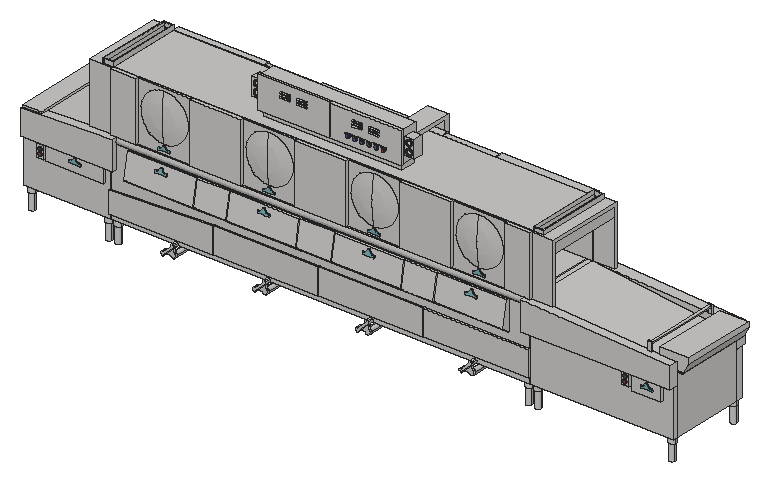
Revit family (continued)
Automatic sketch dimensions
  Extrusion 61 sketch curve to Extrusion 61 sketch curve = 0' - 0.25483"  (x2)
  Extrusion 61 sketch curve to plane 58 = 0' - 1.55729"
  plane 18 to Extrusion 61 sketch curve = 0' - 0.09419"  (x2)
  plane 59 to Extrusion 61 sketch curve = 0' - 1.11091"
  plane 59 to Extrusion 61 sketch curve = 0' - 0.91934"
  Extrusion 61 sketch curve to Extrusion 61 sketch curve = 0' - 0.41934"
  plane 59 to Extrusion 61 sketch curve = 0' - 0.49965"
  plane 59 to Extrusion 61 sketch curve = 0' - 0.07504"
  Extrusion 61 sketch curve to Extrusion 61 sketch curve = 0' - 0"
  Extrusion 61 sketch curve to plane 59 = 0' - 1.44342"
  plane 18 to Extrusion 61 sketch curve = 0' - 0.01096"  (x2)
  plane 20 to Extrusion 61 sketch curve = 0' - 1.10977"
  Extrusion 61 sketch curve to Extrusion 61 sketch curve = 0' - 0.48493"  (x2)
  Extrusion 61 sketch curve to plane 48 = 0' - 1.43719"
  Extrusion 63 sketch curve to plane 48 = 0' - 1 1/2"
  Extrusion 64 sketch curve to plane 18 = 0' - 0"
  plane 80 to Extrusion 91 sketch curve = 0' - 0"
  plane 102 to curve 98 = 2' - 5.52648"
  curve 98 to plane 94 "Utility to Machine" = 0' - 1.60469"
  curve 97 to plane 94 "Utility to Machine" = 0' - 2.79145"
  plane 102 to curve 97 = 2' - 5.52648"
  curve 98 to curve 97 = 0' - 2.37351"
  plane 101 to curve 98 = 2' - 8.55015"
  plane 34 to curve 96 = 2' - 5.86265"
  Extrusion 123 sketch curve to Extrusion 123 sketch curve = 0' - 0"  (x2)
  Extrusion 123 sketch curve to plane 88 "Drain" = 0' - 0"
  Extrusion 123 sketch curve to plane 91 "Drain CL" = 0' - 0"
  Sweep 126 sketch curve to plane 94 "Utility to Machine" = 0' - 0"
  Sweep 126 sketch curve to plane 92 "Utilities" = 0' - 0"
  Sweep 126 sketch curve to plane 95 "Utilities Point of Connection" = 0' - 0"
  Sweep 126 sketch curve to plane 12 "Bottom of Machine" = 0' - 0"
  plane 88 "Drain" to Sweep 126 sketch curve = 0' - 0 1/2"
  Sweep 126 sketch curve to Sweep 126 sketch curve = 0' - 0"  (x2)
  Sweep 126 sketch curve to plane 93 "Cold Water" = 0' - 0"
  profile plane to Sweep 126 sketch curve = 0' - 0"
  Sweep 127 sketch curve to plane 94 "Utility to Machine" = 0' - 0"
  Sweep 127 sketch curve to plane 92 "Utilities" = 0' - 0"
  Sweep 127 sketch curve to plane 95 "Utilities Point of Connection" = 0' - 0"
  Sweep 127 sketch curve to plane 12 "Bottom of Machine" = 0' - 0"
  plane 88 "Drain" to Sweep 127 sketch curve = 0' - 0 1/2"
  Sweep 127 sketch curve to Sweep 127 sketch curve = 0' - 0"  (x2)
  Sweep 127 sketch curve to plane 96 "Building Hot Water" = 0' - 0"
  profile plane to Sweep 127 sketch curve = 0' - 0"
  Extrusion 138 sketch curve to plane 70 = 0' - 0 1/8"
  plane 134 to Extrusion 138 sketch curve = 0' - 0.91873"
  Extrusion 139 sketch curve to plane 70 = 0' - 0 1/8"
  plane 134 to Extrusion 139 sketch curve = 0' - 1.66873"
  Extrusion 177 sketch curve to plane 22 "Front of Main Body" = 0' - 0 3/4"
  Extrusion 178 sketch curve to plane 22 "Front of Main Body" = 0' - 0 3/4"
  Extrusion 179 sketch curve to plane 26 = 0' - 0"
  plane 22 "Front of Main Body" to Extrusion 179 sketch curve = 0' - 0 1/4"
  Extrusion 180 sketch curve to plane 26 = 0' - 0"
  plane 22 "Front of Main Body" to Extrusion 180 sketch curve = 0' - 0 1/4"
  Sweep 181 sketch curve to plane 22 "Front of Main Body" = 0' - 0"  (x2)
  plane 22 "Front of Main Body" to Sweep 181 sketch curve = 0' - 0 5/8"  (x2)
  Sweep 181 sketch curve to Sweep 181 sketch curve = 0' - 0 1/2"
  plane 13 "Middle of Machine" to Sweep 181 sketch curve = 0' - 7 3/16"
  Sweep 181 sketch curve to plane 37 = 0' - 3 11/16"
  Sweep 181 sketch curve to plane 102 = 0' - 0"
  Sweep 181 sketch curve to profile plane = 0' - 0"
  Extrusion 182 sketch curve to plane 27 = 0' - 0"
  plane 22 "Front of Main Body" to Extrusion 182 sketch curve = 0' - 0 1/4"
  Extrusion 183 sketch curve to plane 27 = 0' - 0"
  plane 22 "Front of Main Body" to Extrusion 183 sketch curve = 0' - 0 1/4"
  Sweep 184 sketch curve to plane 22 "Front of Main Body" = 0' - 0"  (x2)
  plane 22 "Front of Main Body" to Sweep 184 sketch curve = 0' - 0 5/8"  (x2)
  Sweep 184 sketch curve to Sweep 184 sketch curve = 0' - 0 1/2"
  plane 13 "Middle of Machine" to Sweep 184 sketch curve = 0' - 7 3/16"
  Sweep 184 sketch curve to plane 37 = 0' - 3 11/16"
  Sweep 184 sketch curve to plane 101 = 0' - 0"
  Sweep 184 sketch curve to profile plane = 0' - 0"
  Extrusion 185 sketch curve to plane 22 "Front of Main Body" = 0' - 0 3/4"
  Sweep 186 sketch curve to plane 94 "Utility to Machine" = 0' - 0"
  Sweep 186 sketch curve to plane 92 "Utilities" = 0' - 0"
  Sweep 186 sketch curve to plane 95 "Utilities Point of Connection" = 0' - 0"
  Sweep 186 sketch curve to plane 12 "Bottom of Machine" = 0' - 0"
  plane 88 "Drain" to Sweep 186 sketch curve = 0' - 0 1/2"
  Sweep 186 sketch curve to Sweep 186 sketch curve = 0' - 0"  (x2)
  Sweep 186 sketch curve to plane 104 = 0' - 0"
  profile plane to Sweep 186 sketch curve = 0' - 0"
  plane 28 "Front of Inside" to Extrusion 188 sketch curve = 0' - 0"
  Extrusion 188 sketch curve to plane 22 "Front of Main Body" = 0' - 0 3/4"
  plane 5 "FRONT" to Revolve 189 sketch curve = 0' - 8"
  plane 22 "Front of Main Body" to Revolve 189 sketch curve = 0' - 0 1/4"
  Revolve 189 sketch curve to plane 22 "Front of Main Body" = 0' - 0 3/4"
  plane 87 to Revolve 189 sketch curve = 0' - 1 1/4"
  Revolve 189 sketch curve to plane 1 "BACK" = 0' - 8.74935"
  Revolve 189 sketch curve to plane 37 = 0' - 5.75174"  (x2)
  Revolve 189 sketch curve to plane 37 = 0' - 5.50167"
  plane 22 "Front of Main Body" to Extrusion 190 sketch curve = 0' - 0"
  Extrusion 190 sketch curve to plane 22 "Front of Main Body" = 0' - 0 3/4"
  plane 22 "Front of Main Body" to Extrusion 191 sketch curve = 0' - 0"
  Extrusion 191 sketch curve to plane 22 "Front of Main Body" = 0' - 0 3/4"
  Extrusion 192 sketch curve to plane 107 = 0' - 0"
  plane 22 "Front of Main Body" to Extrusion 192 sketch curve = 0' - 0 1/4"
  Extrusion 193 sketch curve to plane 107 = 0' - 0"
  plane 22 "Front of Main Body" to Extrusion 193 sketch curve = 0' - 0 1/4"
  Extrusion 194 sketch curve to plane 108 = 0' - 0"
  plane 22 "Front of Main Body" to Extrusion 194 sketch curve = 0' - 0 1/4"
  Extrusion 195 sketch curve to plane 108 = 0' - 0"
  plane 22 "Front of Main Body" to Extrusion 195 sketch curve = 0' - 0 1/4"
  Sweep 196 sketch curve to plane 22 "Front of Main Body" = 0' - 0"  (x2)
  plane 22 "Front of Main Body" to Sweep 196 sketch curve = 0' - 0 5/8"  (x2)
  Sweep 196 sketch curve to Sweep 196 sketch curve = 0' - 0 1/2"
  plane 13 "Middle of Machine" to Sweep 196 sketch curve = 0' - 7 3/16"
  Sweep 196 sketch curve to plane 37 = 0' - 3 11/16"
  Sweep 196 sketch curve to plane 114 = 0' - 0"
  Sweep 196 sketch curve to profile plane = 0' - 0"
  Sweep 197 sketch curve to plane 22 "Front of Main Body" = 0' - 0"  (x2)
  plane 22 "Front of Main Body" to Sweep 197 sketch curve = 0' - 0 5/8"  (x2)
  Sweep 197 sketch curve to Sweep 197 sketch curve = 0' - 0 1/2"
  plane 13 "Middle of Machine" to Sweep 197 sketch curve = 0' - 7 3/16"
  Sweep 197 sketch curve to plane 37 = 0' - 3 11/16"
  Sweep 197 sketch curve to plane 113 = 0' - 0"
  Sweep 197 sketch curve to profile plane = 0' - 0"
  plane 22 "Front of Main Body" to Extrusion 198 sketch curve = 0' - 0"
  Extrusion 198 sketch curve to plane 22 "Front of Main Body" = 0' - 0 3/4"
  Extrusion 199 sketch curve to plane 20 = 0' - 0"
  Extrusion 199 sketch curve to plane 19 = 0' - 0"
  plane 28 "Front of Inside" to Extrusion 200 sketch curve = 0' - 0"
  Extrusion 200 sketch curve to plane 22 "Front of Main Body" = 0' - 0 3/4"
  plane 5 "FRONT" to Revolve 201 sketch curve = 0' - 8"
  plane 22 "Front of Main Body" to Revolve 201 sketch curve = 0' - 0 1/4"
  Revolve 201 sketch curve to plane 22 "Front of Main Body" = 0' - 0 3/4"
  plane 87 to Revolve 201 sketch curve = 0' - 1 1/4"
  Revolve 201 sketch curve to plane 1 "BACK" = 0' - 8.74935"
  Revolve 201 sketch curve to plane 37 = 0' - 5.75174"  (x2)
  Revolve 201 sketch curve to plane 37 = 0' - 5.50167"
  plane 22 "Front of Main Body" to Extrusion 202 sketch curve = 0' - 0"
  Extrusion 202 sketch curve to plane 22 "Front of Main Body" = 0' - 0 3/4"
  plane 22 "Front of Main Body" to Extrusion 203 sketch curve = 0' - 0"
  Extrusion 203 sketch curve to plane 22 "Front of Main Body" = 0' - 0 3/4"
  Extrusion 204 sketch curve to plane 117 = 0' - 0"
  plane 22 "Front of Main Body" to Extrusion 204 sketch curve = 0' - 0 1/4"
  Extrusion 205 sketch curve to plane 117 = 0' - 0"
  plane 22 "Front of Main Body" to Extrusion 205 sketch curve = 0' - 0 1/4"
  Extrusion 206 sketch curve to plane 118 = 0' - 0"
  plane 22 "Front of Main Body" to Extrusion 206 sketch curve = 0' - 0 1/4"
  Extrusion 207 sketch curve to plane 118 = 0' - 0"
  plane 22 "Front of Main Body" to Extrusion 207 sketch curve = 0' - 0 1/4"
  Sweep 208 sketch curve to plane 22 "Front of Main Body" = 0' - 0"  (x2)
  plane 22 "Front of Main Body" to Sweep 208 sketch curve = 0' - 0 5/8"  (x2)
  Sweep 208 sketch curve to Sweep 208 sketch curve = 0' - 0 1/2"
  plane 13 "Middle of Machine" to Sweep 208 sketch curve = 0' - 7 3/16"
  Sweep 208 sketch curve to plane 37 = 0' - 3 11/16"
  Sweep 208 sketch curve to plane 124 = 0' - 0"
  Sweep 208 sketch curve to profile plane = 0' - 0"
  Sweep 209 sketch curve to plane 22 "Front of Main Body" = 0' - 0"  (x2)
  plane 22 "Front of Main Body" to Sweep 209 sketch curve = 0' - 0 5/8"  (x2)
  Sweep 209 sketch curve to Sweep 209 sketch curve = 0' - 0 1/2"
  plane 13 "Middle of Machine" to Sweep 209 sketch curve = 0' - 7 3/16"
  Sweep 209 sketch curve to plane 37 = 0' - 3 11/16"
  Sweep 209 sketch curve to plane 123 = 0' - 0"
  Sweep 209 sketch curve to profile plane = 0' - 0"
  plane 22 "Front of Main Body" to Extrusion 210 sketch curve = 0' - 0"
  Extrusion 210 sketch curve to plane 22 "Front of Main Body" = 0' - 0 3/4"
  plane 22 "Front of Main Body" to Extrusion 211 sketch curve = 0' - 0"
  plane 28 "Front of Inside" to Extrusion 211 sketch curve = 0' - 0"
  Extrusion 222 sketch curve to plane 24 = 0' - 0"
  plane 24 to Extrusion 222 sketch curve = 0' - 0.00035"
  plane 99 to Extrusion 222 sketch curve = 0' - 0.35719"
  plane 99 to Extrusion 222 sketch curve = 0' - 0.54876"
  plane 101 to Extrusion 222 sketch curve = 0' - 0.50556"
  plane 101 to Extrusion 222 sketch curve = 0' - 0.8056"
  Extrusion 222 sketch curve to Extrusion 222 sketch curve = 0' - 0.00341"  (x2)
  Extrusion 222 sketch curve to Extrusion 222 sketch curve = 0' - 0.25142"  (x2)
  Extrusion 222 sketch curve to plane 98 = 0' - 0.36211"
  Extrusion 222 sketch curve to Extrusion 222 sketch curve = 0' - 0"
  Extrusion 222 sketch curve to plane 98 = 0' - 0.54876"
  Extrusion 222 sketch curve to plane 102 = 0' - 0.50556"
  Extrusion 222 sketch curve to plane 102 = 0' - 0.8056"
  plane 47 to Extrusion 222 sketch curve = 0' - 1.17016"
  plane 13 "Middle of Machine" to Extrusion 222 sketch curve = 0' - 0.94635"  (x2)
  plane 13 "Middle of Machine" to Extrusion 222 sketch curve = 0' - 1.02958"
  Extrusion 222 sketch curve to Extrusion 222 sketch curve = 0' - 0.48493"  (x2)
  Extrusion 222 sketch curve to Extrusion 222 sketch curve = 0' - 1.96861"
  plane 28 "Front of Inside" to Extrusion 223 sketch curve = 0' - 0"
  Extrusion 223 sketch curve to plane 22 "Front of Main Body" = 0' - 0 3/4"
  plane 5 "FRONT" to Revolve 224 sketch curve = 0' - 8"
  plane 22 "Front of Main Body" to Revolve 224 sketch curve = 0' - 0 1/4"
  Revolve 224 sketch curve to plane 22 "Front of Main Body" = 0' - 0 3/4"
  plane 87 to Revolve 224 sketch curve = 0' - 1 1/4"
  Revolve 224 sketch curve to plane 1 "BACK" = 0' - 8.74935"
  Revolve 224 sketch curve to plane 37 = 0' - 5.75174"  (x2)
  Revolve 224 sketch curve to plane 37 = 0' - 5.50167"
  plane 22 "Front of Main Body" to Extrusion 225 sketch curve = 0' - 0"
  Extrusion 225 sketch curve to plane 22 "Front of Main Body" = 0' - 0 3/4"
  plane 22 "Front of Main Body" to Extrusion 226 sketch curve = 0' - 0"
  Extrusion 226 sketch curve to plane 22 "Front of Main Body" = 0' - 0 3/4"
  Extrusion 227 sketch curve to plane 125 = 0' - 0"
  plane 22 "Front of Main Body" to Extrusion 227 sketch curve = 0' - 0 1/4"
  Extrusion 228 sketch curve to plane 125 = 0' - 0"
  plane 22 "Front of Main Body" to Extrusion 228 sketch curve = 0' - 0 1/4"
  Sweep 229 sketch curve to plane 22 "Front of Main Body" = 0' - 0"  (x2)
  plane 22 "Front of Main Body" to Sweep 229 sketch curve = 0' - 0 5/8"  (x2)
  Sweep 229 sketch curve to Sweep 229 sketch curve = 0' - 0 1/2"
  plane 13 "Middle of Machine" to Sweep 229 sketch curve = 0' - 7 3/16"
  Sweep 229 sketch curve to plane 37 = 0' - 3 11/16"
  Sweep 229 sketch curve to plane 132 = 0' - 0"
  Sweep 229 sketch curve to profile plane = 0' - 0"
  Extrusion 230 sketch curve to plane 126 = 0' - 0"
  plane 22 "Front of Main Body" to Extrusion 230 sketch curve = 0' - 0 1/4"
  Extrusion 231 sketch curve to plane 126 = 0' - 0"
  plane 22 "Front of Main Body" to Extrusion 231 sketch curve = 0' - 0 1/4"
  Sweep 232 sketch curve to plane 22 "Front of Main Body" = 0' - 0"  (x2)
  plane 22 "Front of Main Body" to Sweep 232 sketch curve = 0' - 0 5/8"  (x2)
  Sweep 232 sketch curve to Sweep 232 sketch curve = 0' - 0 1/2"
  plane 13 "Middle of Machine" to Sweep 232 sketch curve = 0' - 7 3/16"
  Sweep 232 sketch curve to plane 37 = 0' - 3 11/16"
  Sweep 232 sketch curve to plane 131 = 0' - 0"
  Sweep 232 sketch curve to profile plane = 0' - 0"
  plane 22 "Front of Main Body" to Extrusion 233 sketch curve = 0' - 0"
  Extrusion 233 sketch curve to plane 22 "Front of Main Body" = 0' - 0 3/4"
  Extrusion 234 sketch curve to plane 23 = 0' - 0"
  plane 23 to Extrusion 234 sketch curve = 0' - 0.00035"
  plane 129 to Extrusion 234 sketch curve = 0' - 0.35719"
  plane 129 to Extrusion 234 sketch curve = 0' - 0.54876"
  plane 131 to Extrusion 234 sketch curve = 0' - 0.50556"
  plane 131 to Extrusion 234 sketch curve = 0' - 0.8056"
  Extrusion 234 sketch curve to Extrusion 234 sketch curve = 0' - 0.00341"  (x2)
  Extrusion 234 sketch curve to Extrusion 234 sketch curve = 0' - 0.25142"  (x2)
  Extrusion 234 sketch curve to plane 128 = 0' - 0.36211"
  Extrusion 234 sketch curve to Extrusion 234 sketch curve = 0' - 0"
  Extrusion 234 sketch curve to plane 128 = 0' - 0.54876"
  Extrusion 234 sketch curve to plane 132 = 0' - 0.50556"
  Extrusion 234 sketch curve to plane 132 = 0' - 0.8056"
  plane 47 to Extrusion 234 sketch curve = 0' - 1.17016"
  plane 13 "Middle of Machine" to Extrusion 234 sketch curve = 0' - 0.94635"  (x2)
  plane 13 "Middle of Machine" to Extrusion 234 sketch curve = 0' - 1.02958"
  Extrusion 234 sketch curve to Extrusion 234 sketch curve = 0' - 0.48493"  (x2)
  Extrusion 234 sketch curve to Extrusion 234 sketch curve = 0' - 1.96861"
  Extrusion 235 sketch curve to plane 105 = 0' - 0"
  plane 105 to Extrusion 235 sketch curve = 0' - 0.00035"
  plane 111 to Extrusion 235 sketch curve = 0' - 0.35719"
  plane 111 to Extrusion 235 sketch curve = 0' - 0.54876"
  plane 113 to Extrusion 235 sketch curve = 0' - 0.50556"
  Extrusion 235 sketch curve to plane 135 = 0' - 0.5069"
  Extrusion 235 sketch curve to plane 135 = 0' - 0.50349"
  Extrusion 235 sketch curve to Extrusion 235 sketch curve = 0' - 0.25142"  (x2)
  Extrusion 235 sketch curve to plane 110 = 0' - 0.36211"
  Extrusion 235 sketch curve to Extrusion 235 sketch curve = 0' - 0"
  Extrusion 235 sketch curve to plane 110 = 0' - 0.54876"
  Extrusion 235 sketch curve to plane 114 = 0' - 0.50556"
  Extrusion 235 sketch curve to plane 114 = 0' - 0.8056"
  Extrusion 235 sketch curve to Extrusion 235 sketch curve = 0' - 0.00341"
  plane 47 to Extrusion 235 sketch curve = 0' - 1.17016"
  plane 13 "Middle of Machine" to Extrusion 235 sketch curve = 0' - 0.94635"  (x2)
  plane 13 "Middle of Machine" to Extrusion 235 sketch curve = 0' - 1.02958"
  Extrusion 235 sketch curve to Extrusion 235 sketch curve = 0' - 0.48493"  (x2)
  Extrusion 235 sketch curve to Extrusion 235 sketch curve = 0' - 1.96861"
  plane 29 "Back of Inside" to Extrusion 236 sketch curve = 0' - 0"
  plane 21 "Back of Main Body" to Extrusion 236 sketch curve = 0' - 1"
  Revolve 237 sketch curve to plane 21 "Back of Main Body" = 0' - 0"
  Revolve 237 sketch curve to plane 1 "BACK" = 0' - 7 3/4"
  Revolve 237 sketch curve to Revolve 237 sketch curve = 0' - 1"
  Revolve 237 sketch curve to plane 94 "Utility to Machine" = 0' - 4"
  plane 5 "FRONT" to Revolve 237 sketch curve = 0' - 8.99935"
  Revolve 237 sketch curve to plane 10 "Top of Machine" = 0' - 1.00174"
  Revolve 237 sketch curve to Revolve 237 sketch curve = 0' - 9.74993"
  Revolve 237 sketch curve to plane 37 = 0' - 5.75174"
  plane 29 "Back of Inside" to Extrusion 238 sketch curve = 0' - 0"
  plane 21 "Back of Main Body" to Extrusion 238 sketch curve = 0' - 1"
  Revolve 239 sketch curve to plane 21 "Back of Main Body" = 0' - 0"
  Revolve 239 sketch curve to plane 1 "BACK" = 0' - 7 3/4"
  Revolve 239 sketch curve to Revolve 239 sketch curve = 0' - 1"
  Revolve 239 sketch curve to plane 94 "Utility to Machine" = 0' - 4"
  plane 5 "FRONT" to Revolve 239 sketch curve = 0' - 8.99935"
  Revolve 239 sketch curve to plane 10 "Top of Machine" = 0' - 1.00174"
  Revolve 239 sketch curve to Revolve 239 sketch curve = 0' - 9.74993"
  Revolve 239 sketch curve to plane 37 = 0' - 5.75174"
  Extrusion 240 sketch curve to plane 68 = 0' - 0"
  Extrusion 240 sketch curve to plane 79 "Back of Elec Box" = 0' - 0"
  Extrusion 240 sketch curve to plane 21 "Back of Main Body" = 0' - 0"
  Extrusion 240 sketch curve to plane 1 "BACK" = 0' - 0"
  Extrusion 240 sketch curve to plane 21 "Back of Main Body" = 0' - 1 1/4"
  Extrusion 240 sketch curve to plane 49 = 0' - 3 3/4"
  Extrusion 240 sketch curve to Extrusion 240 sketch curve = 0' - 1 3/4"
  Extrusion 240 sketch curve to plane 69 = 0' - 1 1/8"
  plane 29 "Back of Inside" to Extrusion 241 sketch curve = 0' - 0"
  plane 21 "Back of Main Body" to Extrusion 241 sketch curve = 0' - 0"
  Extrusion 241 sketch curve to plane 135 = 0' - 0"
  Extrusion 241 sketch curve to plane 134 = 0' - 0"
  plane 106 to Extrusion 242 sketch curve = 0' - 0"
  Extrusion 242 sketch curve to plane 106 = 0' - 0.00035"
  plane 121 to Extrusion 242 sketch curve = 0' - 0.35719"
  plane 121 to Extrusion 242 sketch curve = 0' - 0.54876"
  plane 123 to Extrusion 242 sketch curve = 0' - 0.50556"
  plane 123 to Extrusion 242 sketch curve = 0' - 0.8056"
  Extrusion 242 sketch curve to Extrusion 242 sketch curve = 0' - 0.00341"  (x2)
  Extrusion 242 sketch curve to Extrusion 242 sketch curve = 0' - 0.25142"  (x2)
  Extrusion 242 sketch curve to plane 120 = 0' - 0.36211"
  Extrusion 242 sketch curve to Extrusion 242 sketch curve = 0' - 0"
  Extrusion 242 sketch curve to plane 120 = 0' - 0.54876"
  Extrusion 242 sketch curve to plane 124 = 0' - 0.50556"
  Extrusion 242 sketch curve to plane 124 = 0' - 0.8056"
  plane 47 to Extrusion 242 sketch curve = 0' - 1.17016"
  plane 13 "Middle of Machine" to Extrusion 242 sketch curve = 0' - 0.94635"  (x2)
  plane 13 "Middle of Machine" to Extrusion 242 sketch curve = 0' - 1.02958"
  Extrusion 242 sketch curve to Extrusion 242 sketch curve = 0' - 0.48493"  (x2)
  Extrusion 242 sketch curve to Extrusion 242 sketch curve = 0' - 1.96861"
  plane 5 "FRONT" to curve 43 = 0' - 0"
  plane 5 "FRONT" to curve 40 = 0' - 0"
  plane 5 "FRONT" to curve 45 = 0' - 0"
  plane 5 "FRONT" to curve 37 = 0' - 0"
  plane 5 "FRONT" to curve 141 = 0' - 0"
  plane 5 "FRONT" to curve 34 = 0' - 0"
  plane 5 "FRONT" to curve 140 = 0' - 0"
  curve 7 to plane 43 = 0' - 0"
  curve 8 to plane 14 "Left of Bottom" = 0' - 0"
  curve 21 to plane 15 "Right of Bottom" = 0' - 0"
  curve 3 to plane 54 = 0' - 0"
  curve 152 to plane 131 = 0' - 0"
  curve 165 to plane 132 = 0' - 0"
  curve 105 to plane 114 = 0' - 0"
  curve 127 to plane 123 = 0' - 0"
  curve 65 to plane 101 = 0' - 0"
  curve 108 to plane 113 = 0' - 0"
  curve 124 to plane 124 = 0' - 0"
  curve 146 to plane 102 = 0' - 0"
  curve 11 to plane 46 = 0' - 0"
  plane 22 "Front of Main Body" to curve 8 = 0' - 0"
  curve 159 to plane 126 = 0' - 0"
  curve 129 to plane 117 = 0' - 0"
  curve 155 to plane 129 = 0' - 0"
  curve 147 to plane 125 = 0' - 0"
  curve 154 to plane 128 = 0' - 0"
  curve 111 to plane 110 = 0' - 0"
  curve 47 to plane 26 = 0' - 0"
  curve 48 to plane 27 = 0' - 0"
  curve 130 to plane 120 = 0' - 0"
  curve 100 to plane 107 = 0' - 0"
  curve 101 to plane 108 = 0' - 0"
  curve 131 to plane 121 = 0' - 0"
  curve 132 to plane 118 = 0' - 0"
  curve 71 to plane 99 = 0' - 0"
  curve 69 to plane 98 = 0' - 0"
  curve 16 to plane 8 "Load Vent" = 0' - 0"
  curve 17 to plane 3 "LEFT" = 0' - 0"
  curve 112 to plane 111 = 0' - 0"
  curve 24 to plane 4 "RIGHT" = 0' - 0"
  curve 24 to plane 9 "Unload Vent" = 0' - 0"
  plane 28 "Front of Inside" to curve 27 = 0' - 0"
  plane 28 "Front of Inside" to curve 22 = 0' - 0"
  plane 28 "Front of Inside" to curve 19 = 0' - 0"
  plane 28 "Front of Inside" to curve 95 = 0' - 0"
  plane 28 "Front of Inside" to curve 92 = 0' - 0"
  plane 28 "Front of Inside" to curve 90 = 0' - 0"
  curve 50 to plane 76 = 0' - 0"
  plane 81 "Front of Panel" to curve 50 = 0' - 0"
  curve 52 to plane 75 = 0' - 0"
  plane 80 to curve 52 = 0' - 0"
  curve 61 to plane 78 = 0' - 0"
  plane 86 "Front of LR Panels" to curve 61 = 0' - 0"
  curve 59 to plane 77 = 0' - 0"
  plane 86 "Front of LR Panels" to curve 59 = 0' - 0"
  curve 57 to plane 85 "Right of Control Box" = 0' - 0"
  plane 87 to curve 57 = 0' - 0"
  curve 60 to plane 84 = 0' - 0"
  plane 87 to curve 60 = 0' - 0"
  plane 79 "Back of Elec Box" to curve 55 = 0' - 0"
  plane 29 "Back of Inside" to curve 29 = 0' - 0"
  plane 29 "Back of Inside" to curve 13 = 0' - 0"
  plane 29 "Back of Inside" to curve 94 = 0' - 0"
  plane 29 "Back of Inside" to curve 91 = 0' - 0"
  plane 29 "Back of Inside" to curve 90 = 0' - 0"
  plane 29 "Back of Inside" to curve 89 = 0' - 0"
  plane 29 "Back of Inside" to curve 20 = 0' - 0"
  curve 170 to plane 136 = 0' - 0"
  curve 167 to plane 134 = 0' - 0"
  curve 167 to plane 133 = 0' - 0"
  curve 169 to plane 135 = 0' - 0"
  curve 5 to plane 15 "Right of Bottom" = 0' - 0"
  plane 21 "Back of Main Body" to curve 5 = 0' - 0"
  plane 21 "Back of Main Body" to curve 2 = 0' - 0"
  curve 76 to plane 14 "Left of Bottom" = 0' - 0"
  plane 1 "BACK" to curve 173 = 0' - 0"
  curve 86 to plane 57 = 0' - 0"
  curve 90 to plane 56 = 0' - 0"
  curve 89 to plane 58 = 0' - 0"
  curve 27 to plane 41 = 0' - 0"
  curve 141 to plane 142 = 0' - 0"
  curve 137 to plane 121 = 0' - 0"
  curve 135 to plane 120 = 0' - 0"
  curve 118 to plane 111 = 0' - 0"
  curve 116 to plane 110 = 0' - 0"
  curve 75 to plane 99 = 0' - 0"
  curve 73 to plane 98 = 0' - 0"
  curve 43 to plane 32 = 0' - 0"
  curve 44 to plane 31 = 0' - 0"
  curve 162 to plane 129 = 0' - 0"
  curve 160 to plane 128 = 0' - 0"
  curve 45 to plane 30 = 0' - 0"
  curve 20 to plane 40 = 0' - 0"
  curve 94 to plane 44 = 0' - 0"
  curve 7 to plane 5 "FRONT" = 0' - 1"
  curve 21 to plane 5 "FRONT" = 0' - 1"
  plane 131 to curve 152 = 0' - 0 3/8"
  curve 152 to curve 151 = 0' - 1 1/8"
  curve 165 to plane 132 = 0' - 0 3/8"
  curve 165 to curve 163 = 0' - 1 1/8"
  curve 103 to plane 114 = 0' - 0 3/8"
  curve 103 to curve 103 = 0' - 1 1/8"
  curve 127 to plane 123 = 0' - 0 3/8"
  curve 127 to curve 125 = 0' - 1 1/8"
  curve 144 to plane 102 = 0' - 0 3/8"
  curve 144 to curve 144 = 0' - 1 1/8"
  curve 106 to plane 113 = 0' - 0 3/8"
  curve 106 to curve 106 = 0' - 1 1/8"
  curve 65 to plane 101 = 0' - 0 3/8"
  curve 65 to curve 63 = 0' - 1 1/8"
  curve 122 to plane 124 = 0' - 0 3/8"
  curve 122 to curve 122 = 0' - 1 1/8"
  curve 11 to curve 9 = 0' - 0 7/8"
  curve 35 to plane 22 "Front of Main Body" = 0' - 0.06488"
  curve 159 to plane 22 "Front of Main Body" = 0' - 0 3/4"
  curve 129 to plane 22 "Front of Main Body" = 0' - 0 3/4"
  curve 111 to plane 22 "Front of Main Body" = 0' - 0 3/4"
  curve 47 to plane 22 "Front of Main Body" = 0' - 0 3/4"
  curve 16 to plane 22 "Front of Main Body" = 0' - 0 3/4"
  curve 24 to plane 22 "Front of Main Body" = 0' - 0 3/4"
  curve 79 to curve 79 = 0' - 0 1/2"
  curve 81 to plane 29 "Back of Inside" = 0' - 0 1/2"
  curve 15 to plane 29 "Back of Inside" = 0' - 1"
  curve 30 to plane 29 "Back of Inside" = 0' - 1"
  curve 170 to curve 171 = 0' - 1"
  curve 167 to curve 168 = 0' - 1"
  curve 12 to curve 2 = 0' - 0 3/8"
  curve 99 to curve 3 = 0' - 1 1/2"
  plane 1 "BACK" to curve 6 = 0' - 1 1/2"
  plane 59 to curve 81 = 0' - 0 3/4"
  plane 59 to curve 79 = 0' - 0 3/4"
  curve 79 to curve 80 = 0' - 0 1/4"
  curve 84 to plane 59 = 0' - 0 1/2"
  curve 84 to curve 83 = 0' - 0 1/4"
  curve 84 to curve 78 = 0' - 0 1/4"
  plane 145 to curve 143 = 1' - 1 3/4"
  curve 142 to curve 139 = 0' - 0 1/4"
  plane 76 to curve 140 = 0' - 6 1/4"
  plane 76 to curve 32 = 0' - 6"
  plane 111 to curve 99 = 0' - 0 7/16"
  plane 109 to curve 173 = 0' - 3"
  plane 36 to curve 34 = 0' - 6 7/8"
  curve 33 to curve 35 = 0' - 0 1/4"
  plane 100 to curve 37 = 0' - 3 1/4"
  curve 37 to curve 38 = 0' - 0 1/4"
  plane 34 to curve 39 = 0' - 6 7/8"
  curve 39 to curve 41 = 0' - 0 1/4"
  radius of Extrusion 95 sketch curve = 0' - 1 1/4"
  radius of Extrusion 95 sketch curve = 0' - 1"
  radius of Extrusion 98 sketch curve = 0' - 0 5/8"
  radius of Extrusion 99 sketch curve = 0' - 0 5/8"
  radius of Extrusion 100 sketch curve = 0' - 0 5/8"
  radius of Extrusion 101 sketch curve = 0' - 0 5/8"
  radius of Extrusion 103 sketch curve = 0' - 1 1/4"
  radius of Extrusion 103 sketch curve = 0' - 1"
  radius of Extrusion 105 sketch curve = 0' - 1 1/4"
  radius of Extrusion 105 sketch curve = 0' - 1"
  radius of Extrusion 107 sketch curve = 0' - 1 1/4"
  radius of Extrusion 107 sketch curve = 0' - 1"
  radius of Extrusion 109 sketch curve = 0' - 0 5/8"
  radius of Extrusion 110 sketch curve = 0' - 0 5/8"
  radius of Extrusion 129 sketch curve = 0' - 1"
  radius of Extrusion 129 sketch curve = 0' - 1 1/8"
  radius of Extrusion 130 sketch curve = 0' - 1"
  radius of Extrusion 130 sketch curve = 0' - 1 1/8"
  radius of Extrusion 134 sketch curve = 0' - 1"
  radius of Extrusion 134 sketch curve = 0' - 1 1/8"
  radius of Extrusion 140 sketch curve = 0' - 1 1/4"
  radius of Extrusion 140 sketch curve = 0' - 1"
  radius of Extrusion 143 sketch curve = 0' - 0 5/8"
  radius of Extrusion 144 sketch curve = 0' - 0 5/8"
  radius of Extrusion 145 sketch curve = 0' - 0 5/8"
  radius of Extrusion 146 sketch curve = 0' - 0 5/8"
  radius of Extrusion 148 sketch curve = 0' - 1 1/4"
  radius of Extrusion 148 sketch curve = 0' - 1"
  radius of Extrusion 150 sketch curve = 0' - 1 1/4"
  radius of Extrusion 150 sketch curve = 0' - 1"
  radius of Extrusion 152 sketch curve = 0' - 1 1/4"
  radius of Extrusion 152 sketch curve = 0' - 1"
  radius of Extrusion 154 sketch curve = 0' - 0 5/8"
  radius of Extrusion 155 sketch curve = 0' - 0 5/8"
  radius of Extrusion 168 sketch curve = 0' - 1"
  radius of Extrusion 168 sketch curve = 0' - 1 1/8"
  radius of Extrusion 169 sketch curve = 0' - 1"
  radius of Extrusion 169 sketch curve = 0' - 1 1/8"
  radius of Extrusion 173 sketch curve = 0' - 1"
  radius of Extrusion 173 sketch curve = 0' - 1 1/8"
  radius of Extrusion 216 sketch curve = 0' - 1"
  radius of Extrusion 216 sketch curve = 0' - 1 1/8"
  radius of Extrusion 47 sketch curve = 0' - 0 3/4"
  radius of Extrusion 48 sketch curve = 0' - 0 3/4"
  radius of Extrusion 59 sketch curve = 0' - 0 1/2"
  radius of Extrusion 63 sketch curve = 0' - 0 3/4"
  radius of Extrusion 64 sketch curve = 0' - 0 3/4"
  radius of Extrusion 65 sketch curve = 0' - 1 3/16"
  radius of Extrusion 66 sketch curve = 0' - 1 7/16"
  radius of Extrusion 67 sketch curve = 0' - 1 3/16"
  radius of Extrusion 68 sketch curve = 0' - 1 7/16"
  radius of Extrusion 69 sketch curve = 0' - 1 3/16"
  radius of Extrusion 70 sketch curve = 0' - 1 7/16"
  radius of Extrusion 71 sketch curve = 0' - 1 3/16"
  radius of Extrusion 72 sketch curve = 0' - 1 7/16"
  radius of Extrusion 73 sketch curve = 0' - 1 3/16"
  radius of Extrusion 74 sketch curve = 0' - 1 7/16"
  radius of Extrusion 75 sketch curve = 0' - 1 3/16"
  radius of Extrusion 76 sketch curve = 0' - 1 7/16"
  radius of Extrusion 77 sketch curve = 0' - 1 3/16"
  radius of Extrusion 78 sketch curve = 0' - 1 7/16"
  radius of Extrusion 79 sketch curve = 0' - 1 3/16"
  radius of Extrusion 80 sketch curve = 0' - 1 7/16"
  radius of Extrusion 81 sketch curve = 0' - 1 3/16"
  radius of Extrusion 82 sketch curve = 0' - 1 7/16"
  radius of Extrusion 83 sketch curve = 0' - 1 3/16"
  radius of Extrusion 84 sketch curve = 0' - 1 7/16"
  radius of Extrusion 85 sketch curve = 0' - 1 3/16"
  radius of Extrusion 86 sketch curve = 0' - 1 7/16"
  radius of Extrusion 87 sketch curve = 0' - 1 3/16"
  radius of Extrusion 88 sketch curve = 0' - 1 7/16"
  radius of Extrusion 123 sketch curve = 0' - 1"
  radius of Extrusion 123 sketch curve = 0' - 1 1/8"
  radius of Sweep 126 sketch curve = 0' - 0 3/8"
  radius of Sweep 126 sketch curve = 0' - 0 1/2"
  radius of Sweep 127 sketch curve = 0' - 0 1/2"
  radius of Sweep 127 sketch curve = 0' - 0 5/8"
  radius of Extrusion 128 sketch curve = 0' - 0 1/2"
  radius of Extrusion 138 sketch curve = 0' - 0 1/4"
  radius of Extrusion 139 sketch curve = 0' - 0 1/4"
  radius of Extrusion 179 sketch curve = 0' - 0 1/4"
  radius of Extrusion 180 sketch curve = 0' - 0 1/4"
  radius of Sweep 181 sketch curve = 0' - 0 3/8"
  radius of Extrusion 182 sketch curve = 0' - 0 1/4"
  radius of Extrusion 183 sketch curve = 0' - 0 1/4"
  radius of Sweep 184 sketch curve = 0' - 0 3/8"
  radius of Sweep 186 sketch curve = 0' - 0 3/8"
  radius of Sweep 186 sketch curve = 0' - 0 1/2"
  radius of Extrusion 187 sketch curve = 0' - 0 1/4"
  radius of Extrusion 192 sketch curve = 0' - 0 1/4"
  radius of Extrusion 193 sketch curve = 0' - 0 1/4"
  radius of Extrusion 194 sketch curve = 0' - 0 1/4"
  radius of Extrusion 195 sketch curve = 0' - 0 1/4"
  radius of Sweep 196 sketch curve = 0' - 0 3/8"
  radius of Sweep 197 sketch curve = 0' - 0 3/8"
  radius of Extrusion 204 sketch curve = 0' - 0 1/4"
  radius of Extrusion 205 sketch curve = 0' - 0 1/4"
  radius of Extrusion 206 sketch curve = 0' - 0 1/4"
  radius of Extrusion 207 sketch curve = 0' - 0 1/4"
  radius of Sweep 208 sketch curve = 0' - 0 3/8"
  radius of Sweep 209 sketch curve = 0' - 0 3/8"
  radius of Extrusion 227 sketch curve = 0' - 0 1/4"
  radius of Extrusion 228 sketch curve = 0' - 0 1/4"
  radius of Sweep 229 sketch curve = 0' - 0 3/8"
  radius of Extrusion 230 sketch curve = 0' - 0 1/4"
  radius of Extrusion 231 sketch curve = 0' - 0 1/4"
  radius of Sweep 232 sketch curve = 0' - 0 3/8"
Nested families (in)
  nested 1: "QF_Stero_STPCW-ER_176_E_EX" at (154.84638, -6, 0), Ventilation Remarks <- "Unload Ventilation Remarks", Exhaust Volume <- "Unload Exhaust Volume", Exhaust Vent Width <- "Unload Exhaust Vent Width", Exhaust Vent Depth <- "Unload Exhaust Vent Depth", Exhaust Static Press <- "Unload Exhaust Static Press", Exhaust RI Height <- "Unload Exhaust RI Height", Item Number <- "Unload Exhaust Item Number", type "Nested"
    with Ventilation Remarks "", Item Number "-", Exhaust Volume 1000 CFM, Exhaust Vent Width 0' - 4", Exhaust Vent Depth 2' - 7 1/4", Exhaust Static Press 0.00 in-wg, Exhaust RI Height 0' - 0"
  nested 2: "QF_Stero_STPCW-ER_176_E_E2" at (39.89011, -26, 0), Watts <- "F2 Watts", Volts <- "F2 Volts", Phase <- "F2 Phase", Number of Poles <- "F2 Number of Poles", FL Amps <- "F2 FL Amps", Electrical Remarks <- "F2 Electrical Remarks", Electric Connection Type <- "F2 Electric Connection Type", Elec Conn RI Height <- "F2 Elec Conn RI Height", Elec Conn Connection Height <- "F2 Elec Conn Connection Height", Cycle <- "F2 Cycle", Conn Conduit <- "F2 Conn Conduit", Apparent Power <- "F2 Apparent Power", Item Number <- "F2 Item Number", visible <- "Feeder Line 2", type "Nested"
    with Watts 0 W, Volts 208 V, Phase 3, Number of Poles 3, Item Number "-", FL Amps 0 A, Electrical Remarks "", Electric Connection Type "", Elec Conn RI Height 0' - 0", Elec Conn Connection Height 6' - 6", Cycle 60 Hz, Conn Conduit yes, Apparent Power 0 VA
  nested 3: "QF_Stero_STPCW-ER_176_E_E2" at (40.64011, -26, 0), Watts <- "F3 Watts", Volts <- "F3 Volts", Phase <- "F3 Phase", Number of Poles <- "F3 Number of Poles", FL Amps <- "F3 FL Amps", Electrical Remarks <- "F3 Electrical Remarks", Electric Connection Type <- "F3 Electric Connection Type", Elec Conn RI Height <- "F3 Elec Conn RI Height", Elec Conn Connection Height <- "F3 Elec Conn Connection Height", Cycle <- "F3 Cycle", Conn Conduit <- "F3 Conn Conduit", Apparent Power <- "F3 Apparent Power", Item Number <- "F3 Item Number", visible <- "Feeder Line 3", type "Nested"
    with Watts 0 W, Volts 208 V, Phase 3, Number of Poles 3, Item Number "-", FL Amps 0 A, Electrical Remarks "", Electric Connection Type "", Elec Conn RI Height 0' - 0", Elec Conn Connection Height 6' - 6", Cycle 60 Hz, Conn Conduit yes, Apparent Power 0 VA
  nested 4: "QF_Stero_STPCW-ER_176_E_E2" at (166.72138, -3, 0), visible <- "Booster Heater", Watts <- "Booster Watts", Volts <- "Booster Volts", Phase <- "Booster Phase", Number of Poles <- "Booster Number of Poles", FL Amps <- "Booster FL Amps", Electrical Remarks <- "Booster Electrical Remarks", Electric Connection Type <- "Booster Electric Connection Type", Elec Conn RI Height <- "Booster Elec Conn RI Height", Elec Conn Connection Height <- "Booster Elec Conn Connection Height", Cycle <- "Booster Cycle", Conn Conduit <- "Booster Conn Conduit", Apparent Power <- "Booster Apparent Power", Item Number <- "Booster Item Number", type "Nested"
    with Watts 24000 W, Volts 208 V, Phase 3, Number of Poles 3, Item Number "-", FL Amps 66.7 A, Electrical Remarks "", Electric Connection Type "", Elec Conn RI Height 0' - 0", Elec Conn Connection Height 0' - 11", Cycle 60 Hz, Conn Conduit yes, Apparent Power 24001.3 VA
  nested 5: "QF_Stero_STPCW-ER_176_E_HW2" at (178.72138, -16.75, 0), visible <- "No Booster Heater", Plumbing Remarks <- "Boosted Plumbing Remarks", Hot Water Temperature <- "Boosted Hot Water Temperature", Hot Water Size <- "Boosted Hot Water Size", Hot Water RI Height <- "Boosted Hot Water RI Height", Hot Water Minimum Pressure <- "Boosted Hot Water Minimum Pressure", Hot Water Maximum Pressure <- "Boosted Hot Water Maximum Pressure", Hot Water Flow <- "Boosted Hot Water Flow", Hot Water Consumption <- "Boosted Hot Water Consumption", Hot Water Connection Height <- "Boosted Hot Water Connection Height", Item Number <- "Boosted HW Item Number", type "Nested"
    with Plumbing Remarks "", Item Number "-", Hot Water Temperature 180 °F, Hot Water Size Radius 3/8", Hot Water Size 3/4", Hot Water RI Height 0' - 0", Hot Water Minimum Pressure 20.00 psi, Hot Water Maximum Pressure 20.00 psi, Hot Water Flow 0.00 GPM, Hot Water Consumption 1.63 GPM, Hot Water Connection Height 0' - 6"
Connectors (in)
  hvac at (-23.40362, -21.625, 67.25), driven by "Exhaust Volume", driven by "Exhaust Vent Depth", driven by "Exhaust Vent Width"
    settings: on cut or joined group of Extrusion 21, Extrusion 23, index 1, duct flow 500 CFM, flow factor 0, pres drop 0.00 in-wg, loss coef 0, conn angle 0.00°, conn width 4", conn height 31 1/4", conn radius 12", duct sys type 3, conn prof type 1, flow config 1, flow direction 2, loss method 0, conn ref index -1, conn util no, is conn primary yes, conn desc "Load End Exhaust"
  hvac at (156.84638, -21.625, 67.25), driven by "Unload Exhaust Volume", driven by "Unload Exhaust Vent Depth", driven by "Unload Exhaust Vent Width"
    settings: on cut or joined group of Extrusion 25, Extrusion 27, index 2, duct flow 1000 CFM, flow factor 0, pres drop 0.00 in-wg, loss coef 0, conn angle 0.00°, conn width 4", conn height 31 1/4", conn radius 12", duct sys type 3, conn prof type 1, flow config 1, flow direction 2, loss method 0, conn ref index -1, conn util no, is conn primary no, conn desc "Unload End Exhaust"
  piping at (-39.90362, -20.25, 7), driven by "Indirect Waste Flow"
    settings: on Extrusion 123, index 3, connector radius 1", flow factor 0, pipe flow 0.00 GPM, pressure drop 0.00 psi, fitting loss kfactor 0, connector angle 0.00°, fixture units 0, flow configuration 1, flow direction 2, fitting loss method 0, system type 16, connector reference index -1, connector utility 0, adjustable connector no, is connector primary yes, fitting loss table "", connector description "Load End Indirect Waste"
  piping at (207.72138, -20.25, 7), driven by "Indirect Waste Flow"
    settings: on Extrusion 123, index 4, connector radius 1", flow factor 0, pipe flow 0.00 GPM, pressure drop 0.00 psi, fitting loss kfactor 0, connector angle 0.00°, fixture units 0, flow configuration 1, flow direction 2, fitting loss method 0, system type 16, connector reference index -1, connector utility 0, adjustable connector no, is connector primary no, fitting loss table "", connector description "Unload End Indirect Waste"
  piping at (190.72138, -8.5, 6), driven by "Hot Water Flow"
    settings: on Sweep 127, index 5, connector radius 1/2", flow factor 0, pipe flow 0.00 GPM, pressure drop 0.00 psi, fitting loss kfactor 0, connector angle 0.00°, fixture units 0, flow configuration 1, flow direction 1, fitting loss method 0, system type 19, connector reference index -1, connector utility 0, adjustable connector no, is connector primary no, fitting loss table "", connector description "Building Hot Water"
  piping at (-31.27862, -8.5, 6), driven by "Cold Water Flow"
    settings: on Sweep 126, index 6, connector radius 3/8", flow factor 0, pipe flow 0.00 GPM, pressure drop 0.00 psi, fitting loss kfactor 0, connector angle 0.00°, fixture units 0, flow configuration 1, flow direction 1, fitting loss method 0, system type 20, connector reference index -1, connector utility 0, adjustable connector no, is connector primary no, fitting loss table "", connector description "Cold Water"
  electrical at (38.72138, -26, 78.5), driven by "Number of Poles", driven by "Volts", driven by "Apparent Power"
    settings: on cut or joined group of Extrusion 90, Extrusion 128, index 7, voltage 208 V, apparent load 65526.9 VA, apparent load phase1 0 VA, apparent load phase2 0 VA, apparent load phase3 0 VA, power factor 1, load classification "Other", number of poles 3, system type 30, power factor state 1, is connector primary yes, connector utility no, sub classification motor no, connector description "Feeder 1 Electric"
  electrical at (39.89011, -25.9375, 78.5), driven by "F2 Number of Poles", driven by "F2 Volts", driven by "F2 Apparent Power"
    settings: on Extrusion 138, index 8, voltage 208 V, apparent load 0 VA, apparent load phase1 0 VA, apparent load phase2 0 VA, apparent load phase3 0 VA, power factor 1, load classification "Other", number of poles 3, system type 30, power factor state 1, is connector primary no, connector utility no, sub classification motor no, connector description "Feeder 2 Electric"
  electrical at (40.64011, -25.9375, 78.5), driven by "F3 Number of Poles", driven by "F3 Volts", driven by "F3 Apparent Power"
    settings: on Extrusion 139, index 9, voltage 208 V, apparent load 0 VA, apparent load phase1 0 VA, apparent load phase2 0 VA, apparent load phase3 0 VA, power factor 1, load classification "Other", number of poles 3, system type 30, power factor state 1, is connector primary no, connector utility no, sub classification motor no, connector description "Feeder 3 Electric"
  piping at (178.72138, -8.5, 6), driven by "Boosted Hot Water Flow"
    settings: on Sweep 186, index 11, connector radius 3/8", flow factor 0, pipe flow 0.00 GPM, pressure drop 0.00 psi, fitting loss kfactor 0, connector angle 0.00°, fixture units 0, flow configuration 1, flow direction 1, fitting loss method 0, system type 19, connector reference index -1, connector utility 0, adjustable connector no, is connector primary no, fitting loss table "", connector description "Booster Water"
  electrical at (166.72138, -2.9375, 11), driven by "Booster Number of Poles", driven by "Booster Volts", driven by "Booster Apparent Power"
    settings: on Extrusion 187, index 12, voltage 208 V, apparent load 24001.3 VA, apparent load phase1 0 VA, apparent load phase2 0 VA, apparent load phase3 0 VA, power factor 1, load classification "Other", number of poles 3, system type 30, power factor state 1, is connector primary no, connector utility no, sub classification motor no, connector description "Booster Electric"
Definition of nested family "QF_Stero_STPCW-ER_176_E_EX"
  Parameters (values of type "Nested")
    Ventilation Remarks [instance] = ""
    Item Number [instance] = "-"
    Exhaust Volume [instance] = 0 CFM
    Exhaust Vent Width [instance] = 1' - 4"
    Exhaust Vent Depth [instance] = 0' - 4"
    Exhaust Static Press [instance] = 0.00 in-wg
    Exhaust RI Height [instance] = 0' - 0"
    Description = ""
    Assembly Code = ""
  Reference planes (in)
    plane 1 "Center (Back)": y = 0
    plane 2: z = 0
    plane 3 "Center (Left)": x = 0
    plane 4: x = 16
    plane 5: y = -4
  Lines and regions (in)
    symbolic lines, style "QF_Multiple Utilities"
      curve 1: line (0, 0, 0) -> (16, 0, 0)
      curve 2: line (0, -4, 0) -> (0, 0, 0)
      curve 3: line (16, -4, 0) -> (0, -4, 0)
      curve 4: line (16, 0, 0) -> (16, -4, 0)
      curve 5: line (16, 0, 0) -> (0, -4, 0)
      curve 6: line (0, 0, 0) -> (16, -4, 0)
  Dimensions and locks (in)
    "Exhaust Vent Width": plane 3 "Center (Left)" to plane 4
    "Exhaust Vent Depth": plane 1 "Center (Back)" to plane 5
    aligned and locked: level to plane 2
    aligned and locked: plane 1 "Center (Back)" to curve 1
    aligned and locked: plane 3 "Center (Left)" to curve 2
    aligned and locked: curve 3 to plane 5
    aligned and locked: curve 4 to plane 4
Definition of nested family "QF_Stero_STPCW-ER_176_E_E2"
  Parameters (values of type "Nested")
    Watts [instance] = 0 W
    Volts [instance] = 0 V
    Phase [instance] = 1
    Number of Poles [instance] = 1
    Item Number [instance] = "-"
    FL Amps [instance] = 0 A
    Electrical Remarks [instance] = ""
    Electric Connection Type [instance] = ""
    Elec Conn RI Height [instance] = 0' - 0"
    Elec Conn Connection Height [instance] = 0' - 0"
    Description = ""
    Cycle [instance] = 0 Hz
    Conn Conduit [instance] = yes
    Assembly Code = ""
    Apparent Power [instance] = 0 VA
  Reference planes (in)
    plane 1 "Center (Back)": y = 0
    plane 2: z = 0
    plane 3 "Center (Left)": x = 0
  Lines and regions (in)
    symbolic lines, style "QF_Multiple Utilities"
      curve 1: circle (0, 0, 0) r 0.125 normal (0, 0, 1)
  Dimensions and locks (in)
    aligned and locked: level to plane 2
Definition of nested family "QF_Stero_STPCW-ER_176_E_HW2"
  Parameters (values of type "Nested")
    Plumbing Remarks [instance] = ""
    Item Number [instance] = "-"
    Hot Water Temperature [instance] = 0 °F
    Hot Water Size [instance] = 1/4"
    Hot Water RI Height [instance] = 0' - 0"
    Hot Water Minimum Pressure [instance] = 0.00 psi
    Hot Water Maximum Pressure [instance] = 0.00 psi
    Hot Water Flow [instance] = 0.00 GPM
    Hot Water Consumption [instance] = 0.00 GPM
    Hot Water Connection Height [instance] = 0' - 0"
    Description = ""
    Hot Water Size Radius [instance] = Hot Water Size / 2  # 1/8"
    Assembly Code = ""
  Reference planes (in)
    plane 1 "Center (Back)": y = 0
    plane 2: z = 0
    plane 3 "Center (Left)": x = 0
  Lines and regions (in)
    symbolic lines, style "QF_Multiple Utilities"
      curve 1: circle (0, 0, 0) r 0.125 normal (0, 0, 1)
  Dimensions and locks (in)
    "Hot Water Size Radius": radius of curve 1
    aligned and locked: level to plane 2
  Automatic sketch dimensions
    plane 1 "Center (Back)" to curve 1 = 0' - 0"
    curve 1 to plane 3 "Center (Left)" = 0' - 0"
Types (3): name | Volts | FL Amps | F3 Volts | F2 Volts | Booster Volts | Booster FL Amps | Booster Apparent Power | Apparent Power
  (no name) | 208 V | 182.1 A | 208 V | 208 V | 208 V | 66.7 A | 24001.3 VA | 65526.9 VA
  208/60/3 | 208 V | 182.1 A | 208 V | 208 V | 208 V | 66.7 A | 24001.3 VA | 65526.9 VA
  480/60/3 | 480 V | 80.4 A | 480 V | 480 V | 480 V | 28.9 A | 23998.6 VA | 66764.2 VA
